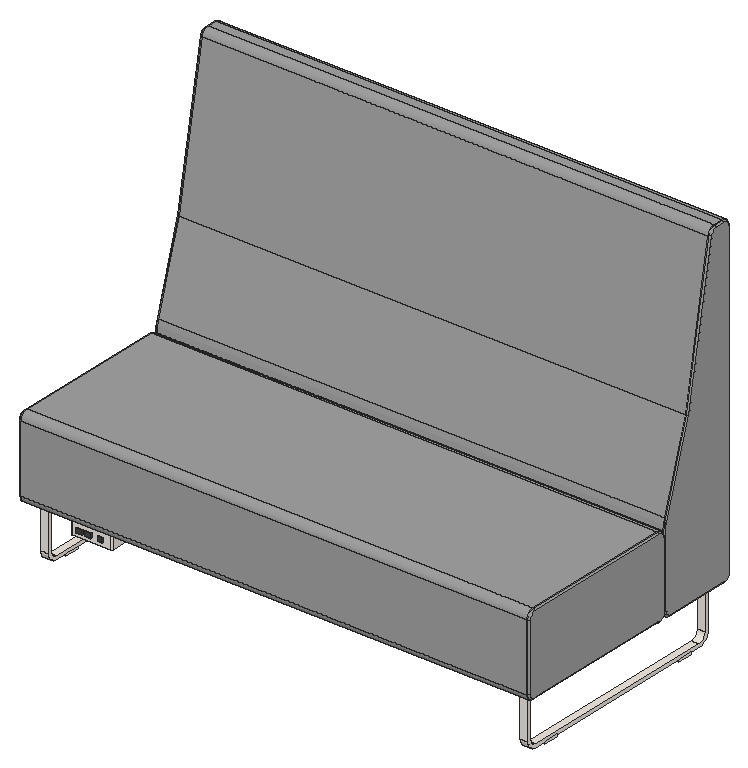
Revit family "Haworth_Riverbend_StraightBench", category Furniture, Revit 2018
Family settings
  OmniClass Number = 23.40.70.14.64.21
  OmniClass Title = Systems Furniture
  Work Plane-Based = No
  Always vertical = Yes
  Cut with Voids When Loaded = No
  Shared = No
  Room Calculation Point = No
Parameters (values of type "33d 67w 50h - High Back")
  Width = 67"
  Warranty = "http://www.haworth.com/resources/product-info/warranties"
  URL - Product = "http://www.haworth.com/products/seating/sofas/riverbend-pebble"
  Trim Finish [instance] = Haworth _ Paint _ Plaster
  Symbolic Line Controler = not(No Back)  # yes
  Standard Widths = "28 in., 55 in., 67 in."  # constant formula
  Standard Heights = "31 in., 50 in."  # constant formula
  Standard Depths = "33 in."  # constant formula
  Seat Upholstery Finish [instance] = Haworth _ Fabric _ Tellure _ Steel 3A-39
  Power Module [instance] = yes
  No Back = not(or(Mid Back, High Back))  # no
  Min. Width = 28"  # constant formula
  Min. Depth = 33"  # constant formula
  Mid Back = no
  Max. Width = 67"  # constant formula
  Max. Depth = 33"  # constant formula
  Model = "SMSN"  # constant formula
  High Back = yes
  Hardware Finish = Haworth _ Paint _ Plaster
  Front Finish = Haworth _ Plastic _ Black
  Description = "Haworth Riverbend Straight Bench"  # constant formula
  URL = "http://www.haworth.com"
  Size = "Verify Final Dim. w/ Haworth"  # constant formula
  Revision Number = "1"  # constant formula
  Manufacturer = "Haworth"  # constant formula
  Depth = 33"  # constant formula
  Custom Width = not(or(Width = 28", Width = 55", Width = 67"))  # no
  Custom Size = Custom Width  # no
  Back Upholstery Finish [instance] = Haworth _ Fabric _ Tellure _ Steel 3A-39
  Author = "Haworth (Bentzen)"  # constant formula
  Assembly Code = "E2020200"
  Actual Width = if(Width > Max. Width, Max. Width, if(Width < Min. Width, Min. Width, Width))  # 67"
  Actual Height = 18"  # constant formula
  Actual Depth = if(Depth > Max. Depth, Max. Depth, if(Depth < Min. Depth, Min. Depth, Depth))  # 33"
Reference planes (in)
  plane 1 "Center F/B": y = 1.14228
  plane 2 "Bottom": z = 0
  plane 3 "Center L/R": x = -19.5
  plane 4 "Left": x = -53
  plane 5 "Right": x = 14
  plane 6 "Frame Back": y = 17.64228
  plane 7 "Chair Front": y = -15.35772
  plane 8 "Top": z = 18
  plane 9 "Leg Back - Back of Leg Bracket": y = 15.87654
  plane 10 "Leg Front - Back of Leg Bracket": y = -11.21697
  plane 11 "Leg Front - Front of Leg Bracket": y = -13.59197
  plane 12 "Leg Back - Front of Leg Bracket": y = 13.50154
  plane 13 "Foot Front - Front of Foot": y = -10.83901
  plane 14 "Foot Back - Back of Foot": y = 13.12358
  plane 15 "Foot Back - Front of Foot": y = 11.12358
  plane 16 "Foot Front - Back of Foot": y = -8.83902
  plane 17 "Leg Left - Left of Leg Bracket": x = -51.44094
  plane 18 "Leg Left - Right of Leg": x = -50.44095
  plane 19 "Leg Left - Right of Leg Bracket": x = -49.06594
  plane 20 "Leg Right - Right of Leg Bracket": x = 12.44094
  plane 21 "Leg Right - Left of Leg Bracket": x = 10.06594
  plane 22 "Leg Right - Left of Leg": x = 11.44094
  plane 23 "Back - Chamfer Edge": y = 17.39228
  plane 24 "Left - Top of Chamfer Edge": x = -52.75
  plane 25 "Right - Top of Chamfer Edge": x = 13.75
  plane 26 "Top - Bottom of Chamfer Edge": z = 17.75
  plane 27 "Frame Bottom": z = 7.25
  plane 28 "Bottom - Top of Chamfer Edge": z = 7.5
  plane 29 "Front - Chamfer Edge": y = -15.10772
  plane 30 "Leg Bracket - Bottom": z = 7
  plane 31 "Leg Back - Front of Leg": y = 15.50154
  plane 32 "Leg Front - Back of Leg": y = -13.21697
  plane 33 "Leg Bottom - Top of Bottom": z = 0.625
  plane 34 "Foot - Top of Foot": z = 0.25
  plane 35 "Power Mod - Left": x = -47.44095
  plane 36 "Power Mod - Right": x = -21.44095
  plane 37 "Power Mod - Front": y = -14.35772
  plane 38: z = 31
  plane 39: z = 30.75
  plane 40: through (0, 11.65641, 29.36409) normal (0, -0.9811, 0.1935)
  plane 41: z = 50
  plane 42: through (0, 10.03124, 27.17461) normal (0, -0.9542, 0.299)
  plane 43: through (0, 12.92227, 40.51269) normal (0, -0.9817, 0.1904)
  plane 44: z = 49.75
Forms (in)
  Extrusion 1, solid, material "Haworth _ Fabric _ Tellure _ Steel 3A-39" <- "Seat Upholstery Finish", visible <- "No Back"
    sketch origin (-53, 0, 0) x (0, -1, 0) y (0, 0, 1)
      loop
        arc (-16.64228, 18) -> (-17.34939, 17.70711) -> (-17.64228, 17) r 1
        line (-17.64228, 17) -> (-17.64228, 8.25)
        arc (-17.64228, 8.25) -> (-17.34939, 7.54289) -> (-16.64228, 7.25) r 1
        line (-16.64228, 7.25) -> (14.35772, 7.25)
        arc (14.35772, 7.25) -> (15.06482, 7.54289) -> (15.35772, 8.25) r 1
        line (15.35772, 8.25) -> (15.35772, 17)
        arc (15.35772, 17) -> (15.06482, 17.70711) -> (14.35772, 18) r 1
        line (14.35772, 18) -> (-16.64228, 18)
    from -66.75 to -0.25
  Extrusion 2, solid, material "Haworth _ Paint _ Plaster" <- "Trim Finish"
    sketch origin (-53, 1.73425, 0) x (0, -1, 0) y (0, 0, 1)
      loop
        line (-14.14229, 7) -> (-14.14229, 1.5)
        arc (-14.14229, 1.5) -> (-13.77617, 0.61612) -> (-12.89229, 0.25) r 1.25
        line (-12.89229, 0.25) -> (14.07622, 0.25)
        arc (14.07622, 0.25) -> (14.9601, 0.61612) -> (15.32622, 1.5) r 1.25
        line (15.32622, 1.5) -> (15.32622, 7) -> (14.95122, 7) -> (14.95122, 1.625)
        arc (14.95122, 1.625) -> (14.65832, 0.91789) -> (13.95122, 0.625) r 1
        line (13.95122, 0.625) -> (-12.76729, 0.625)
        arc (-12.76729, 0.625) -> (-13.47439, 0.91789) -> (-13.76729, 1.625) r 1
        line (-13.76729, 1.625) -> (-13.76729, 7) -> (-14.14229, 7)
    from -2.55905 to -1.55906
  Extrusion 3, solid, material "Haworth _ Paint _ Plaster" <- "Trim Finish"
    sketch origin (0, 0, 18) x (-1, 0, 0) y (0, -1, 0)
      loop
        line (51.44094, -13.12358) -> (51.44094, -11.12358) -> (50.44095, -11.12358) -> (50.44095, -13.12358) -> (51.44094, -13.12358)
    from -18 to -17.75
  Extrusion 4, solid, material "Haworth _ Paint _ Plaster" <- "Trim Finish"
    sketch origin (0, 2.28457, 18) x (-1, 0, 0) y (0, -1, 0)
      loop
        line (51.44094, 13.12358) -> (50.44095, 13.12358) -> (50.44095, 11.12358) -> (51.44094, 11.12358) -> (51.44094, 13.12358)
    from -18 to -17.75
  Extrusion 5, solid, material "Haworth _ Paint _ Plaster" <- "Trim Finish"
    sketch origin (0, 0, 18) x (-1, 0, 0) y (0, -1, 0)
      loop
        line (51.44094, -15.87654) -> (51.44094, -13.50154) -> (49.06594, -13.50154) -> (49.06594, -15.87654) -> (51.44094, -15.87654)
    from -11 to -10.75
  Extrusion 6, solid, material "Haworth _ Paint _ Plaster" <- "Trim Finish"
    sketch origin (0, 22.24717, 18) x (-1, 0, 0) y (0, -1, 0)
      loop
        line (51.44094, 35.83913) -> (49.06594, 35.83913) -> (49.06594, 33.46414) -> (51.44094, 33.46414) -> (51.44094, 35.83913)
    from -11 to -10.75
  Extrusion 7, solid, material "Haworth _ Paint _ Plaster" <- "Trim Finish"
    sketch origin (35.05905, 39.67451, 18) x (1, 0, 0) y (0, 1, 0)
      loop
        line (-22.61811, -26.55092) -> (-23.61811, -26.55092) -> (-23.61811, -28.55092) -> (-22.61811, -28.55092) -> (-22.61811, -26.55092)
    from -18 to -17.75
  Extrusion 8, solid, material "Haworth _ Paint _ Plaster" <- "Trim Finish"
    sketch origin (35.05905, 41.95907, 18) x (1, 0, 0) y (0, 1, 0)
      loop
        line (-22.61811, -52.79809) -> (-22.61811, -50.79809) -> (-23.61811, -50.79809) -> (-23.61811, -52.79809) -> (-22.61811, -52.79809)
    from -18 to -17.75
  Extrusion 9, solid, material "Haworth _ Paint _ Plaster" <- "Trim Finish"
    sketch origin (35.05905, 39.67451, 18) x (1, 0, 0) y (0, 1, 0)
      loop
        line (-22.61811, -23.79797) -> (-24.99311, -23.79797) -> (-24.99311, -26.17297) -> (-22.61811, -26.17297) -> (-22.61811, -23.79797)
    from -11 to -10.75
  Extrusion 10, solid, material "Haworth _ Paint _ Plaster" <- "Trim Finish"
    sketch origin (35.05905, 61.92167, 18) x (1, 0, 0) y (0, 1, 0)
      loop
        line (-22.61811, -75.51364) -> (-22.61811, -73.13864) -> (-24.99311, -73.13864) -> (-24.99311, -75.51364) -> (-22.61811, -75.51364)
    from -11 to -10.75
  Extrusion 11, solid, material "Haworth _ Paint _ Plaster" <- "Trim Finish"
    sketch origin (27.5, 1.73425, 0) x (0, -1, 0) y (0, 0, -1)
      loop
        line (-14.14229, -7) -> (-13.76729, -7) -> (-13.76729, -1.625)
        arc (-13.76729, -1.625) -> (-13.47439, -0.91789) -> (-12.76729, -0.625) r 1
        line (-12.76729, -0.625) -> (13.95122, -0.625)
        arc (13.95122, -0.625) -> (14.65832, -0.91789) -> (14.95122, -1.625) r 1
        line (14.95122, -1.625) -> (14.95122, -7) -> (15.32622, -7) -> (15.32622, -1.5)
        arc (15.32622, -1.5) -> (14.9601, -0.61612) -> (14.07622, -0.25) r 1.25
        line (14.07622, -0.25) -> (-12.89229, -0.25)
        arc (-12.89229, -0.25) -> (-13.77617, -0.61612) -> (-14.14229, -1.5) r 1.25
        line (-14.14229, -1.5) -> (-14.14229, -7)
    from -16.05906 to -15.05906
  Extrusion 12, solid, material "Haworth _ Fabric _ Tellure _ Steel 3A-39" <- "Back Upholstery Finish", visible <- "Mid Back"
    sketch origin (-33.5, -103.18863, 2.13189) x (0, -1, 0) y (0, 0, 1)
      loop
        arc (-120.83091, 6.11811) -> (-120.53802, 5.411) -> (-119.83091, 5.11811) r 1
        line (-119.83091, 5.11811) -> (-111.16099, 5.11811)
        arc (-111.16099, 5.11811) -> (-110.45388, 5.411) -> (-110.16099, 6.11811) r 1
        line (-110.16099, 6.11811) -> (-110.16099, 15.5115)
        arc (-110.16099, 15.5115) -> (-110.24986, 16.24927) -> (-110.42825, 16.97064) r 6.06812
        line (-110.42825, 16.97064) -> (-113.72422, 27.4881)
        arc (-113.72422, 27.4881) -> (-114.43735, 28.48603) -> (-115.60288, 28.86811) r 1.96875
        line (-115.60288, 28.86811) -> (-118.86241, 28.86811)
        arc (-118.86241, 28.86811) -> (-120.25435, 28.29155) -> (-120.83091, 26.89961) r 1.9685
        line (-120.83091, 26.89961) -> (-120.83091, 6.11811)
    from -47.25 to 19.25
  Blend 13, solid, material "Haworth _ Fabric _ Tellure _ Steel 3A-39" <- "Back Upholstery Finish", visible <- "Mid Back"
    base sketch origin (-33.25, 26.30756, -6.66555) x (0, -1, 0) y (0, 0, 1)
      loop
        arc (10.63378, 37.66555) -> (9.24183, 37.08899) -> (8.66527, 35.69705) r 1.9685
        line (8.66527, 35.69705) -> (8.66527, 14.91555)
        arc (8.66527, 14.91555) -> (8.95817, 14.20845) -> (9.66527, 13.91555) r 1
        line (9.66527, 13.91555) -> (18.33519, 13.91555)
        arc (18.33519, 13.91555) -> (19.0423, 14.20845) -> (19.33519, 14.91555) r 1
        line (19.33519, 14.91555) -> (19.33519, 24.30895)
        arc (19.33519, 24.30895) -> (19.24632, 25.04671) -> (19.06794, 25.76808) r 6.06812
        line (19.06794, 25.76808) -> (15.77197, 36.28554)
        arc (15.77197, 36.28554) -> (15.05883, 37.28348) -> (13.89331, 37.66555) r 1.96875
        line (13.89331, 37.66555) -> (10.63378, 37.66555)
    top sketch origin (-33.25, 26.30756, -6.66555) x (0, -1, 0) y (0, 0, 1)
      loop
        line (13.89331, 37.41555) -> (10.63378, 37.41555)
        arc (10.63378, 37.41555) -> (9.41861, 36.91222) -> (8.91527, 35.69705) r 1.7185
        line (8.91527, 35.69705) -> (8.91527, 14.91555)
        arc (8.91527, 14.91555) -> (9.13494, 14.38522) -> (9.66527, 14.16555) r 0.75
        line (9.66527, 14.16555) -> (18.4069, 14.16555)
        arc (18.4069, 14.16555) -> (18.93723, 14.38522) -> (19.1569, 14.91555) r 0.75
        line (19.1569, 14.91555) -> (19.1569, 24.64821) -> (15.53341, 36.21078)
        arc (15.53341, 36.21078) -> (14.91083, 37.08199) -> (13.89331, 37.41555) r 1.71875
    from 19.5 to 19.75
  Extrusion 14, solid, material "Haworth _ Fabric _ Tellure _ Steel 3A-39" <- "Back Upholstery Finish", visible <- "High Back"
    sketch origin (-33.25, -160.56517, 2.13189) x (0, -1, 0) y (0, 0, 1)
      loop
        arc (-178.20745, 6.11811) -> (-177.91456, 5.411) -> (-177.20745, 5.11811) r 1
        line (-177.20745, 5.11811) -> (-168.53753, 5.11811)
        arc (-168.53753, 5.11811) -> (-167.83043, 5.411) -> (-167.53753, 6.11811) r 1
        line (-167.53753, 6.11811) -> (-167.53753, 15.5115)
        arc (-167.53753, 15.5115) -> (-167.6264, 16.24927) -> (-167.80479, 16.97064) r 6.06812
        line (-167.80479, 16.97064) -> (-171.15098, 27.64836) -> (-174.91168, 47.03615)
        arc (-174.91168, 47.03615) -> (-175.2667, 47.63329) -> (-175.92052, 47.86811) r 1.02764
        line (-175.92052, 47.86811) -> (-177.16927, 47.86811)
        arc (-177.16927, 47.86811) -> (-177.90338, 47.56403) -> (-178.20745, 46.82993) r 1.03818
        line (-178.20745, 46.82993) -> (-178.20745, 6.11811)
    from -47 to 19.5
  Blend 15, solid, material "Haworth _ Fabric _ Tellure _ Steel 3A-39" <- "Back Upholstery Finish", visible <- "High Back"
    base sketch origin (-33.25, 28.05756, -6.66555) x (0, -1, 0) y (0, 0, 1)
      loop
        line (10.41527, 55.62737) -> (10.41527, 14.91555)
        arc (10.41527, 14.91555) -> (10.70817, 14.20845) -> (11.41527, 13.91555) r 1
        line (11.41527, 13.91555) -> (20.08519, 13.91555)
        arc (20.08519, 13.91555) -> (20.7923, 14.20845) -> (21.08519, 14.91555) r 1
        line (21.08519, 14.91555) -> (21.08519, 24.30895)
        arc (21.08519, 24.30895) -> (20.99632, 25.04671) -> (20.81794, 25.76808) r 6.06812
        line (20.81794, 25.76808) -> (17.47174, 36.4458) -> (13.71105, 55.8336)
        arc (13.71105, 55.8336) -> (13.35603, 56.43074) -> (12.70221, 56.66555) r 1.02764
        line (12.70221, 56.66555) -> (11.45346, 56.66555)
        arc (11.45346, 56.66555) -> (10.71935, 56.36148) -> (10.41527, 55.62737) r 1.03818
    top sketch origin (-33.25, 28.05756, -6.66555) x (0, -1, 0) y (0, 0, 1)
      loop
        arc (11.45346, 56.41555) -> (10.89613, 56.1847) -> (10.66527, 55.62737) r 0.78818
        line (10.66527, 55.62737) -> (10.66527, 14.91555)
        arc (10.66527, 14.91555) -> (10.88494, 14.38522) -> (11.41527, 14.16555) r 0.75
        line (11.41527, 14.16555) -> (20.1569, 14.16555)
        arc (20.1569, 14.16555) -> (20.68723, 14.38522) -> (20.9069, 14.91555) r 0.75
        line (20.9069, 14.91555) -> (20.9069, 24.64821) -> (17.22899, 36.38443) -> (13.46562, 55.78599)
        arc (13.46562, 55.78599) -> (13.19697, 56.23786) -> (12.70221, 56.41555) r 0.77764
        line (12.70221, 56.41555) -> (11.45346, 56.41555)
    from 19.5 to 19.75
  Extrusion 16, solid, material "Haworth _ Fabric _ Tellure _ Steel 3A-39" <- "Seat Upholstery Finish", visible <- "High Back"
    sketch origin (-53, -10.66992, 0) x (0, -1, 0) y (0, 0, 1)
      loop
        arc (-16.64228, 18) -> (-17.34939, 17.70711) -> (-17.64228, 17) r 1
        line (-17.64228, 17) -> (-17.64228, 8.25)
        arc (-17.64228, 8.25) -> (-17.34939, 7.54289) -> (-16.64228, 7.25) r 1
        line (-16.64228, 7.25) -> (3.68779, 7.25)
        arc (3.68779, 7.25) -> (4.3949, 7.54289) -> (4.68779, 8.25) r 1
        line (4.68779, 8.25) -> (4.68779, 17)
        arc (4.68779, 17) -> (4.3949, 17.70711) -> (3.68779, 18) r 1
        line (3.68779, 18) -> (-16.64228, 18)
    from -66.75 to -0.25
  Extrusion 17, solid, material "Haworth _ Fabric _ Tellure _ Steel 3A-39" <- "Seat Upholstery Finish", visible <- "Mid Back"
    sketch origin (-53, -8.66142, 0) x (0, -1, 0) y (0, 0, 1)
      loop
        arc (-14.63378, 18) -> (-15.34089, 17.70711) -> (-15.63378, 17) r 1
        line (-15.63378, 17) -> (-15.63378, 8.25)
        arc (-15.63378, 8.25) -> (-15.34089, 7.54289) -> (-14.63378, 7.25) r 1
        line (-14.63378, 7.25) -> (5.6963, 7.25)
        arc (5.6963, 7.25) -> (6.4034, 7.54289) -> (6.6963, 8.25) r 1
        line (6.6963, 8.25) -> (6.6963, 17)
        arc (6.6963, 17) -> (6.4034, 17.70711) -> (5.6963, 18) r 1
        line (5.6963, 18) -> (-14.63378, 18)
    from -66.75 to -0.25
  Blend 18, solid, material "Haworth _ Fabric _ Tellure _ Steel 3A-39" <- "Seat Upholstery Finish", visible <- "No Back"
    base sketch origin (33.5, 0, 0) x (0, -1, 0) y (0, 0, -1)
      loop
        arc (14.35772, -18) -> (15.06482, -17.70711) -> (15.35772, -17) r 1
        line (15.35772, -17) -> (15.35772, -8.25)
        arc (15.35772, -8.25) -> (15.06482, -7.54289) -> (14.35772, -7.25) r 1
        line (14.35772, -7.25) -> (-16.64228, -7.25)
        arc (-16.64228, -7.25) -> (-17.34939, -7.54289) -> (-17.64228, -8.25) r 1
        line (-17.64228, -8.25) -> (-17.64228, -17)
        arc (-17.64228, -17) -> (-17.34939, -17.70711) -> (-16.64228, -18) r 1
        line (-16.64228, -18) -> (14.35772, -18)
    top sketch origin (14, 0, 0) x (0, -1, 0) y (0, 0, -1)
      loop
        line (-16.64228, -17.75) -> (14.35772, -17.75)
        arc (14.35772, -17.75) -> (14.88805, -17.53033) -> (15.10772, -17) r 0.75
        line (15.10772, -17) -> (15.10772, -8.25)
        arc (15.10772, -8.25) -> (14.88805, -7.71967) -> (14.35772, -7.5) r 0.75
        line (14.35772, -7.5) -> (-16.64228, -7.5)
        arc (-16.64228, -7.5) -> (-17.17261, -7.71967) -> (-17.39228, -8.25) r 0.75
        line (-17.39228, -8.25) -> (-17.39228, -17)
        arc (-17.39228, -17) -> (-17.17261, -17.53033) -> (-16.64228, -17.75) r 0.75
    from -19.75 to 0
  Blend 19, solid, material "Haworth _ Fabric _ Tellure _ Steel 3A-39" <- "Seat Upholstery Finish", visible <- "Symbolic Line Controler"
    base sketch origin (33.5, -8.66142, 0) x (0, -1, 0) y (0, 0, -1)
      loop
        arc (5.6963, -18) -> (6.4034, -17.70711) -> (6.6963, -17) r 1
        line (6.6963, -17) -> (6.6963, -8.25)
        arc (6.6963, -8.25) -> (6.4034, -7.54289) -> (5.6963, -7.25) r 1
        line (5.6963, -7.25) -> (-14.63378, -7.25)
        arc (-14.63378, -7.25) -> (-15.34089, -7.54289) -> (-15.63378, -8.25) r 1
        line (-15.63378, -8.25) -> (-15.63378, -17)
        arc (-15.63378, -17) -> (-15.34089, -17.70711) -> (-14.63378, -18) r 1
        line (-14.63378, -18) -> (5.6963, -18)
    top sketch origin (14, -8.66142, 0) x (0, -1, 0) y (0, 0, -1)
      loop
        line (-14.63378, -17.75) -> (5.6963, -17.75)
        arc (5.6963, -17.75) -> (6.22663, -17.53033) -> (6.4463, -17) r 0.75
        line (6.4463, -17) -> (6.4463, -8.25)
        arc (6.4463, -8.25) -> (6.22663, -7.71967) -> (5.6963, -7.5) r 0.75
        line (5.6963, -7.5) -> (-14.63378, -7.5)
        arc (-14.63378, -7.5) -> (-15.16411, -7.71967) -> (-15.38378, -8.25) r 0.75
        line (-15.38378, -8.25) -> (-15.38378, -17)
        arc (-15.38378, -17) -> (-15.16411, -17.53033) -> (-14.63378, -17.75) r 0.75
    from -19.75 to 0
  Blend 20, solid, material "Haworth _ Fabric _ Tellure _ Steel 3A-39" <- "Back Upholstery Finish", visible <- "High Back"
    base sketch origin (33.25, 28.05756, -6.66555) x (0, -1, 0) y (0, 0, -1)
      loop
        arc (10.41527, -55.62737) -> (10.71935, -56.36148) -> (11.45346, -56.66555) r 1.03818
        line (11.45346, -56.66555) -> (12.70221, -56.66555)
        arc (12.70221, -56.66555) -> (13.35603, -56.43074) -> (13.71105, -55.8336) r 1.02764
        line (13.71105, -55.8336) -> (17.47174, -36.4458) -> (20.81794, -25.76808)
        arc (20.81794, -25.76808) -> (20.99632, -25.04671) -> (21.08519, -24.30895) r 6.06812
        line (21.08519, -24.30895) -> (21.08519, -14.91555)
        arc (21.08519, -14.91555) -> (20.7923, -14.20845) -> (20.08519, -13.91555) r 1
        line (20.08519, -13.91555) -> (11.41527, -13.91555)
        arc (11.41527, -13.91555) -> (10.70817, -14.20845) -> (10.41527, -14.91555) r 1
        line (10.41527, -14.91555) -> (10.41527, -55.62737)
    top sketch origin (33.25, 28.05756, -6.66555) x (0, -1, 0) y (0, 0, -1)
      loop
        line (11.45346, -56.41555) -> (12.70221, -56.41555)
        arc (12.70221, -56.41555) -> (13.19697, -56.23786) -> (13.46562, -55.78599) r 0.77764
        line (13.46562, -55.78599) -> (17.22899, -36.38443) -> (20.9069, -24.64821) -> (20.9069, -14.91555)
        arc (20.9069, -14.91555) -> (20.68723, -14.38522) -> (20.1569, -14.16555) r 0.75
        line (20.1569, -14.16555) -> (11.41527, -14.16555)
        arc (11.41527, -14.16555) -> (10.88494, -14.38522) -> (10.66527, -14.91555) r 0.75
        line (10.66527, -14.91555) -> (10.66527, -55.62737)
        arc (10.66527, -55.62737) -> (10.89613, -56.1847) -> (11.45346, -56.41555) r 0.78818
    from -19.5 to -19.25
  Blend 21, solid, material "Haworth _ Fabric _ Tellure _ Steel 3A-39" <- "Back Upholstery Finish", visible <- "Mid Back"
    base sketch origin (33.25, 26.30756, -6.66555) x (0, -1, 0) y (0, 0, -1)
      loop
        arc (13.89331, -37.66555) -> (15.05883, -37.28348) -> (15.77197, -36.28554) r 1.96875
        line (15.77197, -36.28554) -> (19.06794, -25.76808)
        arc (19.06794, -25.76808) -> (19.24632, -25.04671) -> (19.33519, -24.30895) r 6.06812
        line (19.33519, -24.30895) -> (19.33519, -14.91555)
        arc (19.33519, -14.91555) -> (19.0423, -14.20845) -> (18.33519, -13.91555) r 1
        line (18.33519, -13.91555) -> (9.66527, -13.91555)
        arc (9.66527, -13.91555) -> (8.95817, -14.20845) -> (8.66527, -14.91555) r 1
        line (8.66527, -14.91555) -> (8.66527, -35.69705)
        arc (8.66527, -35.69705) -> (9.24183, -37.08899) -> (10.63378, -37.66555) r 1.9685
        line (10.63378, -37.66555) -> (13.89331, -37.66555)
    top sketch origin (33.25, 26.30756, -6.66555) x (0, -1, 0) y (0, 0, -1)
      loop
        line (10.63378, -37.41555) -> (13.89331, -37.41555)
        arc (13.89331, -37.41555) -> (14.91083, -37.08199) -> (15.53341, -36.21078) r 1.71875
        line (15.53341, -36.21078) -> (19.1569, -24.64821) -> (19.1569, -14.91555)
        arc (19.1569, -14.91555) -> (18.93723, -14.38522) -> (18.4069, -14.16555) r 0.75
        line (18.4069, -14.16555) -> (9.66527, -14.16555)
        arc (9.66527, -14.16555) -> (9.13494, -14.38522) -> (8.91527, -14.91555) r 0.75
        line (8.91527, -14.91555) -> (8.91527, -35.69705)
        arc (8.91527, -35.69705) -> (9.41861, -36.91222) -> (10.63378, -37.41555) r 1.7185
    from -19.5 to -19.25
  Blend 22, solid, material "Haworth _ Fabric _ Tellure _ Steel 3A-39" <- "Seat Upholstery Finish", visible <- "No Back"
    base sketch origin (-104.38189, 0, 0) x (0, -1, 0) y (0, 0, 1)
      loop
        line (14.35772, 18) -> (-16.64228, 18)
        arc (-16.64228, 18) -> (-17.34939, 17.70711) -> (-17.64228, 17) r 1
        line (-17.64228, 17) -> (-17.64228, 8.25)
        arc (-17.64228, 8.25) -> (-17.34939, 7.54289) -> (-16.64228, 7.25) r 1
        line (-16.64228, 7.25) -> (14.35772, 7.25)
        arc (14.35772, 7.25) -> (15.06482, 7.54289) -> (15.35772, 8.25) r 1
        line (15.35772, 8.25) -> (15.35772, 17)
        arc (15.35772, 17) -> (15.06482, 17.70711) -> (14.35772, 18) r 1
    top sketch origin (-84.88189, 0, 0) x (0, -1, 0) y (0, 0, 1)
      loop
        arc (-16.64228, 17.75) -> (-17.17261, 17.53033) -> (-17.39228, 17) r 0.75
        line (-17.39228, 17) -> (-17.39228, 8.25)
        arc (-17.39228, 8.25) -> (-17.17261, 7.71967) -> (-16.64228, 7.5) r 0.75
        line (-16.64228, 7.5) -> (14.35772, 7.5)
        arc (14.35772, 7.5) -> (14.88805, 7.71967) -> (15.10772, 8.25) r 0.75
        line (15.10772, 8.25) -> (15.10772, 17)
        arc (15.10772, 17) -> (14.88805, 17.53033) -> (14.35772, 17.75) r 0.75
        line (14.35772, 17.75) -> (-16.64228, 17.75)
    from -51.63189 to -31.88189
  Blend 23, solid, material "Haworth _ Fabric _ Tellure _ Steel 3A-39" <- "Seat Upholstery Finish", visible <- "Symbolic Line Controler"
    base sketch origin (-104.38189, -8.66142, 0) x (0, -1, 0) y (0, 0, 1)
      loop
        line (5.6963, 18) -> (-14.63378, 18)
        arc (-14.63378, 18) -> (-15.34089, 17.70711) -> (-15.63378, 17) r 1
        line (-15.63378, 17) -> (-15.63378, 8.25)
        arc (-15.63378, 8.25) -> (-15.34089, 7.54289) -> (-14.63378, 7.25) r 1
        line (-14.63378, 7.25) -> (5.6963, 7.25)
        arc (5.6963, 7.25) -> (6.4034, 7.54289) -> (6.6963, 8.25) r 1
        line (6.6963, 8.25) -> (6.6963, 17)
        arc (6.6963, 17) -> (6.4034, 17.70711) -> (5.6963, 18) r 1
    top sketch origin (-84.88189, -8.66142, 0) x (0, -1, 0) y (0, 0, 1)
      loop
        arc (-14.63378, 17.75) -> (-15.16411, 17.53033) -> (-15.38378, 17) r 0.75
        line (-15.38378, 17) -> (-15.38378, 8.25)
        arc (-15.38378, 8.25) -> (-15.16411, 7.71967) -> (-14.63378, 7.5) r 0.75
        line (-14.63378, 7.5) -> (5.6963, 7.5)
        arc (5.6963, 7.5) -> (6.22663, 7.71967) -> (6.4463, 8.25) r 0.75
        line (6.4463, 8.25) -> (6.4463, 17)
        arc (6.4463, 17) -> (6.22663, 17.53033) -> (5.6963, 17.75) r 0.75
        line (5.6963, 17.75) -> (-14.63378, 17.75)
    from -51.63189 to -31.88189
Lines and regions (in)
  Masking region 1
    outline origin (0, 0, 18) x (-1, 0, 0) y (0, -1, 0)
      loop
        line (53, -17.64228) -> (53, 15.35772) -> (-14, 15.35772) -> (-14, -17.64228) -> (53, -17.64228)
  symbolic lines, style "Haworth", visible <- "Symbolic Line Controler", detail levels medium+fine
    curve 1: line (-52.75, 7.00387, 18) -> (13.75, 7.00387, 18)
Dimensions and locks (in)
  "Actual Width": plane 4 "Left" to plane 5 "Right"
  equal spacing: plane 4 "Left", plane 3 "Center L/R", plane 5 "Right"
  "Depth": plane 6 "Frame Back" to plane 7 "Chair Front"
  equal spacing: plane 6 "Frame Back", plane 1 "Center F/B", plane 7 "Chair Front"
  locked: plane 6 "Frame Back" to plane 23 "Back - Chamfer Edge" at 0.25
  locked: plane 4 "Left" to plane 24 "Left - Top of Chamfer Edge" at 0.25
  locked: plane 25 "Right - Top of Chamfer Edge" to plane 5 "Right" at 0.25
  plane 24 "Left - Top of Chamfer Edge" to plane 17 "Leg Left - Left of Leg Bracket" to plane 18 "Leg Left - Right of Leg" to plane 19 "Leg Left - Right of Leg Bracket" = 1.30906" locked, 1" locked, 1 3/8" locked
  plane 21 "Leg Right - Left of Leg Bracket" to plane 22 "Leg Right - Left of Leg" to plane 20 "Leg Right - Right of Leg Bracket" to plane 25 "Right - Top of Chamfer Edge" = 1 3/8" locked, 1" locked, 1.30906" locked
  locked: plane 8 "Top" to plane 26 "Top - Bottom of Chamfer Edge" at 0.25
  locked: plane 28 "Bottom - Top of Chamfer Edge" to plane 27 "Frame Bottom" at 0.25
  plane 8 "Top" to plane 27 "Frame Bottom" = 10 3/4"
  "Actual Height": plane 8 "Top" to plane 2 "Bottom"
  plane 23 "Back - Chamfer Edge" to plane 9 "Leg Back - Back of Leg Bracket" to plane 12 "Leg Back - Front of Leg Bracket" to plane 14 "Foot Back - Back of Foot" to plane 15 "Foot Back - Front of Foot" = 1.51575" locked, 2 3/8" locked, 0.37795" locked, 2" locked
  locked: plane 29 "Front - Chamfer Edge" to plane 7 "Chair Front" at 0.25
  plane 16 "Foot Front - Back of Foot" to plane 13 "Foot Front - Front of Foot" to plane 10 "Leg Front - Back of Leg Bracket" to plane 11 "Leg Front - Front of Leg Bracket" to plane 29 "Front - Chamfer Edge" = 2" locked, 0.37796" locked, 2 3/8" locked, 1.51575" locked
  Extrusion 2 sketch curve to Extrusion 2 sketch curve = 3/8"
  Extrusion 11 sketch curve to Extrusion 11 sketch curve = 3/8"  (x3)
  plane 8 "Top" to plane 2 "Bottom" = 18"
  locked: plane 18 "Leg Left - Right of Leg" to plane 35 "Power Mod - Left" at 3
  Extrusion 5 to Extrusion 6 = 29.4685"
  level to plane 38 = 31"
  plane 41 to level = 50"
  Blend 15 sketch curve to plane 15 "Foot Back - Front of Foot" = 0.29502"
  aligned and locked: plane 6 "Frame Back" to Extrusion 1
  aligned and locked: Extrusion 1 to plane 7 "Chair Front"
  aligned and locked: Extrusion 1 to plane 24 "Left - Top of Chamfer Edge"
  aligned and locked: plane 25 "Right - Top of Chamfer Edge" to Extrusion 1
  aligned and locked: plane 14 "Foot Back - Back of Foot" to Extrusion 3 sketch curve
  aligned and locked: Extrusion 3 sketch curve to plane 18 "Leg Left - Right of Leg"
  aligned and locked: plane 17 "Leg Left - Left of Leg Bracket" to Extrusion 3 sketch curve
  aligned and locked: plane 15 "Foot Back - Front of Foot" to Extrusion 3 sketch curve
  aligned and locked: Extrusion 3 to plane 2 "Bottom"
  aligned and locked: Extrusion 3 to plane 34 "Foot - Top of Foot"
  aligned and locked: Extrusion 4 to plane 34 "Foot - Top of Foot"
  aligned and locked: Extrusion 4 to plane 2 "Bottom"
  aligned and locked: Extrusion 4 sketch curve to plane 13 "Foot Front - Front of Foot"
  aligned and locked: plane 18 "Leg Left - Right of Leg" to Extrusion 4 sketch curve
  aligned and locked: Extrusion 4 sketch curve to plane 17 "Leg Left - Left of Leg Bracket"
  aligned and locked: Extrusion 5 sketch curve to plane 19 "Leg Left - Right of Leg Bracket"
  aligned and locked: plane 17 "Leg Left - Left of Leg Bracket" to Extrusion 5 sketch curve
  aligned and locked: Extrusion 5 sketch curve to plane 9 "Leg Back - Back of Leg Bracket"
  aligned and locked: plane 12 "Leg Back - Front of Leg Bracket" to Extrusion 5 sketch curve
  aligned and locked: Extrusion 5 to plane 30 "Leg Bracket - Bottom"
  aligned and locked: plane 27 "Frame Bottom" to Extrusion 5
  aligned and locked: Extrusion 6 sketch curve to plane 11 "Leg Front - Front of Leg Bracket"
  aligned and locked: Extrusion 6 sketch curve to plane 17 "Leg Left - Left of Leg Bracket"
  aligned and locked: plane 19 "Leg Left - Right of Leg Bracket" to Extrusion 6 sketch curve
  aligned and locked: plane 10 "Leg Front - Back of Leg Bracket" to Extrusion 6 sketch curve
  aligned and locked: Extrusion 6 to plane 30 "Leg Bracket - Bottom"
  aligned and locked: plane 27 "Frame Bottom" to Extrusion 6
  aligned and locked: Extrusion 10 to plane 11 "Leg Front - Front of Leg Bracket"
  aligned and locked: plane 10 "Leg Front - Back of Leg Bracket" to Extrusion 10
  aligned and locked: Extrusion 10 to plane 21 "Leg Right - Left of Leg Bracket"
  aligned and locked: plane 20 "Leg Right - Right of Leg Bracket" to Extrusion 10
  aligned and locked: Extrusion 9 to plane 21 "Leg Right - Left of Leg Bracket"
  aligned and locked: plane 20 "Leg Right - Right of Leg Bracket" to Extrusion 9
  aligned and locked: plane 9 "Leg Back - Back of Leg Bracket" to Extrusion 9
  aligned and locked: Extrusion 9 to plane 12 "Leg Back - Front of Leg Bracket"
  aligned and locked: Extrusion 8 to plane 13 "Foot Front - Front of Foot"  (x2)
  aligned and locked: plane 16 "Foot Front - Back of Foot" to Extrusion 8  (x2)
  aligned and locked: Extrusion 7 to plane 15 "Foot Back - Front of Foot"  (x2)
  aligned and locked: Extrusion 7 to plane 14 "Foot Back - Back of Foot"  (x2)
  aligned and locked: plane 14 "Foot Back - Back of Foot" to Extrusion 3
  aligned and locked: plane 18 "Leg Left - Right of Leg" to Extrusion 3
  aligned and locked: plane 17 "Leg Left - Left of Leg Bracket" to Extrusion 3
  aligned and locked: plane 16 "Foot Front - Back of Foot" to Extrusion 4 sketch curve
  aligned and locked: Extrusion 11 to plane 22 "Leg Right - Left of Leg"
  aligned and locked: plane 20 "Leg Right - Right of Leg Bracket" to Extrusion 11
  aligned and locked: plane 9 "Leg Back - Back of Leg Bracket" to Extrusion 11  (x2)
  aligned and locked: plane 31 "Leg Back - Front of Leg" to Extrusion 11
  aligned and locked: Extrusion 11 to plane 11 "Leg Front - Front of Leg Bracket"
  aligned and locked: Extrusion 11 to plane 32 "Leg Front - Back of Leg"
  aligned and locked: plane 20 "Leg Right - Right of Leg Bracket" to Extrusion 8
  aligned and locked: Extrusion 8 to plane 22 "Leg Right - Left of Leg"
  aligned and locked: plane 20 "Leg Right - Right of Leg Bracket" to Extrusion 7
  aligned and locked: Extrusion 7 to plane 22 "Leg Right - Left of Leg"
  aligned and locked: plane 34 "Foot - Top of Foot" to Extrusion 11  (x2)
  aligned and locked: Extrusion 11 to plane 33 "Leg Bottom - Top of Bottom"
  aligned and locked: plane 31 "Leg Back - Front of Leg" to Extrusion 2  (x2)
  aligned and locked: plane 9 "Leg Back - Back of Leg Bracket" to Extrusion 2  (x2)
  aligned and locked: plane 11 "Leg Front - Front of Leg Bracket" to Extrusion 11
  aligned and locked: plane 32 "Leg Front - Back of Leg" to Extrusion 11
  aligned and locked: plane 30 "Leg Bracket - Bottom" to Extrusion 2
  aligned and locked: plane 30 "Leg Bracket - Bottom" to Extrusion 11  (x2)
  aligned and locked: plane 30 "Leg Bracket - Bottom" to Extrusion 6
  aligned and locked: Extrusion 6 to plane 27 "Frame Bottom"
  aligned and locked: Extrusion 10 to plane 30 "Leg Bracket - Bottom"
  aligned and locked: plane 27 "Frame Bottom" to Extrusion 10
  aligned and locked: Extrusion 8 to plane 2 "Bottom"
  aligned and locked: Extrusion 8 to plane 34 "Foot - Top of Foot"
  aligned and locked: plane 2 "Bottom" to Extrusion 4
  aligned and locked: plane 34 "Foot - Top of Foot" to Extrusion 4
  aligned and locked: Extrusion 9 to plane 30 "Leg Bracket - Bottom"
  aligned and locked: plane 27 "Frame Bottom" to Extrusion 9
  aligned and locked: Extrusion 7 to plane 34 "Foot - Top of Foot"
  aligned and locked: Extrusion 7 to plane 2 "Bottom"
  aligned and locked: plane 35 "Power Mod - Left" to nested 1
  aligned and locked: nested 1 to plane 37 "Power Mod - Front"
  aligned and locked: Extrusion 2 to plane 17 "Leg Left - Left of Leg Bracket"
  aligned and locked: plane 18 "Leg Left - Right of Leg" to Extrusion 2
  aligned and locked: plane 11 "Leg Front - Front of Leg Bracket" to Extrusion 2 sketch curve
  aligned and locked: plane 32 "Leg Front - Back of Leg" to Extrusion 2 sketch curve
  aligned and locked: Extrusion 2 sketch curve to plane 34 "Foot - Top of Foot"
  aligned and locked: plane 33 "Leg Bottom - Top of Bottom" to Extrusion 2 sketch curve
  aligned and locked: Extrusion 2 sketch curve to plane 30 "Leg Bracket - Bottom"
  aligned and locked: Extrusion 1 to plane 27 "Frame Bottom"
  aligned and locked: plane 8 "Top" to Extrusion 1
  aligned and locked: Extrusion 12 to plane 27 "Frame Bottom"
  aligned and locked: Extrusion 12 to plane 24 "Left - Top of Chamfer Edge"
  aligned and locked: plane 25 "Right - Top of Chamfer Edge" to Extrusion 12
  aligned and locked: plane 24 "Left - Top of Chamfer Edge" to Blend 13
  aligned and locked: plane 4 "Left" to Blend 13
  aligned and locked: Extrusion 14 to plane 24 "Left - Top of Chamfer Edge"
  aligned and locked: plane 25 "Right - Top of Chamfer Edge" to Extrusion 14
  aligned and locked: plane 4 "Left" to Blend 15
  aligned and locked: plane 24 "Left - Top of Chamfer Edge" to Blend 15
  aligned and locked: plane 25 "Right - Top of Chamfer Edge" to Extrusion 17
  aligned and locked: plane 25 "Right - Top of Chamfer Edge" to Extrusion 16
  aligned and locked: plane 6 "Frame Back" to Extrusion 12
  aligned and locked: plane 38 to Extrusion 12 sketch curve
  aligned and locked: Blend 13 to Extrusion 12 sketch curve
  aligned and locked: plane 27 "Frame Bottom" to Extrusion 12 sketch curve
  aligned and locked: Extrusion 17 sketch curve to plane 8 "Top"
  aligned and locked: plane 7 "Chair Front" to Extrusion 17 sketch curve
  aligned and locked: plane 27 "Frame Bottom" to Extrusion 17 sketch curve
  aligned and locked: plane 27 "Frame Bottom" to Extrusion 16 sketch curve
  aligned and locked: Extrusion 14 to Extrusion 16 sketch curve
  aligned and locked: Extrusion 16 sketch curve to plane 8 "Top"
  aligned and locked: plane 7 "Chair Front" to Extrusion 16 sketch curve
  aligned and locked: Blend 15 sketch curve to Extrusion 14
  aligned and locked: plane 5 "Right" to Blend 18
  aligned and locked: Blend 18 to plane 25 "Right - Top of Chamfer Edge"
  aligned and locked: plane 5 "Right" to Blend 19
  aligned and locked: Blend 19 to plane 25 "Right - Top of Chamfer Edge"
  aligned and locked: Extrusion 1 to Extrusion 14
  aligned and locked: plane 5 "Right" to Blend 20
  aligned and locked: Blend 20 to plane 25 "Right - Top of Chamfer Edge"
  aligned and locked: plane 5 "Right" to Blend 21
  aligned and locked: Blend 21 to plane 25 "Right - Top of Chamfer Edge"
  aligned and locked: Extrusion 17 to Extrusion 12
  aligned and locked: plane 24 "Left - Top of Chamfer Edge" to Blend 23
  aligned and locked: plane 24 "Left - Top of Chamfer Edge" to Blend 22
  aligned and locked: plane 4 "Left" to Blend 23
  aligned and locked: plane 4 "Left" to Blend 22
  aligned and locked: plane 7 "Chair Front" to Masking region 1 sketch curve
  aligned and locked: Masking region 1 sketch curve to plane 5 "Right"
  aligned and locked: Masking region 1 sketch curve to plane 4 "Left"
  aligned and locked: Masking region 1 sketch curve to plane 6 "Frame Back"
Automatic sketch dimensions
  curve 1 to plane 25 "Right - Top of Chamfer Edge" = 0"
  curve 1 to plane 24 "Left - Top of Chamfer Edge" = 0"
  Extrusion 1 sketch curve to plane 6 "Frame Back" = 0"
  Extrusion 1 sketch curve to plane 27 "Frame Bottom" = 0"
  Extrusion 1 sketch curve to plane 8 "Top" = 0"
  Extrusion 1 sketch curve to plane 37 "Power Mod - Front" = 0"  (x2)
  Extrusion 1 sketch curve to plane 7 "Chair Front" = 0"
  Extrusion 1 sketch curve to plane 23 "Back - Chamfer Edge" = 3/4"  (x2)
  Extrusion 2 sketch curve to plane 9 "Leg Back - Back of Leg Bracket" = 0"
  Extrusion 2 sketch curve to plane 30 "Leg Bracket - Bottom" = 0"
  plane 31 "Leg Back - Front of Leg" to Extrusion 2 sketch curve = 7/8"
  Extrusion 2 sketch curve to Extrusion 2 sketch curve = 1/8"  (x2)
  Extrusion 2 sketch curve to plane 10 "Leg Front - Back of Leg Bracket" = 1"
  plane 14 "Foot Back - Back of Foot" to Extrusion 7 sketch curve = 0"
  Extrusion 7 sketch curve to plane 22 "Leg Right - Left of Leg" = 0"
  Extrusion 7 sketch curve to plane 15 "Foot Back - Front of Foot" = 0"
  Extrusion 7 sketch curve to plane 20 "Leg Right - Right of Leg Bracket" = 0"
  Extrusion 8 sketch curve to plane 13 "Foot Front - Front of Foot" = 0"
  Extrusion 8 sketch curve to plane 22 "Leg Right - Left of Leg" = 0"
  Extrusion 8 sketch curve to plane 16 "Foot Front - Back of Foot" = 0"
  Extrusion 8 sketch curve to plane 20 "Leg Right - Right of Leg Bracket" = 0"
  Extrusion 9 sketch curve to plane 9 "Leg Back - Back of Leg Bracket" = 0"
  Extrusion 9 sketch curve to plane 21 "Leg Right - Left of Leg Bracket" = 0"
  Extrusion 9 sketch curve to plane 12 "Leg Back - Front of Leg Bracket" = 0"
  Extrusion 9 sketch curve to plane 20 "Leg Right - Right of Leg Bracket" = 0"
  Extrusion 10 sketch curve to plane 11 "Leg Front - Front of Leg Bracket" = 0"
  Extrusion 10 sketch curve to plane 21 "Leg Right - Left of Leg Bracket" = 0"
  Extrusion 10 sketch curve to plane 10 "Leg Front - Back of Leg Bracket" = 0"
  Extrusion 10 sketch curve to plane 20 "Leg Right - Right of Leg Bracket" = 0"
  Extrusion 11 sketch curve to plane 9 "Leg Back - Back of Leg Bracket" = 0"
  plane 34 "Foot - Top of Foot" to Extrusion 11 sketch curve = 0"
  Extrusion 11 sketch curve to plane 30 "Leg Bracket - Bottom" = 0"  (x2)
  Extrusion 11 sketch curve to plane 32 "Leg Front - Back of Leg" = 0"
  plane 31 "Leg Back - Front of Leg" to Extrusion 11 sketch curve = 7/8"
  Extrusion 11 sketch curve to Extrusion 11 sketch curve = 1/8"  (x2)
  Extrusion 11 sketch curve to plane 10 "Leg Front - Back of Leg Bracket" = 1"
  Extrusion 14 sketch curve to plane 6 "Frame Back" = 0"
  Extrusion 14 sketch curve to plane 27 "Frame Bottom" = 0"
  Extrusion 14 sketch curve to plane 41 = 0"
  Extrusion 14 sketch curve to plane 23 "Back - Chamfer Edge" = 3/4"
  plane 9 "Leg Back - Back of Leg Bracket" to Extrusion 14 sketch curve = 0.72757"
  plane 31 "Leg Back - Front of Leg" to Extrusion 14 sketch curve = 0.14619"
  Extrusion 14 sketch curve to plane 44 = 0.58196"
  plane 12 "Leg Back - Front of Leg Bracket" to Extrusion 14 sketch curve = 0.84497"
  plane 14 "Foot Back - Back of Foot" to Extrusion 14 sketch curve = 0.09352"
  Extrusion 14 sketch curve to plane 15 "Foot Back - Front of Foot" = 0.53777"
  plane 28 "Bottom - Top of Chamfer Edge" to Extrusion 14 sketch curve = 3/4"
  Extrusion 14 sketch curve to plane 15 "Foot Back - Front of Foot" = 3.15122"
  plane 8 "Top" to Extrusion 14 sketch curve = 1.10253"
  Extrusion 14 sketch curve to Extrusion 14 sketch curve = 0.26725"
  Extrusion 14 sketch curve to plane 26 "Top - Bottom of Chamfer Edge" = 0.46209"
  Extrusion 14 sketch curve to plane 39 = 0.96975"
  Blend 15 sketch curve to plane 6 "Frame Back" = 0"
  Blend 15 sketch curve to plane 27 "Frame Bottom" = 0"
  Blend 15 sketch curve to plane 41 = 0"
  Blend 15 sketch curve to plane 23 "Back - Chamfer Edge" = 3/4"  (x2)
  plane 9 "Leg Back - Back of Leg Bracket" to Blend 15 sketch curve = 0.72757"  (x2)
  plane 31 "Leg Back - Front of Leg" to Blend 15 sketch curve = 0.14619"  (x2)
  Blend 15 sketch curve to plane 44 = 0.58196"
  plane 12 "Leg Back - Front of Leg Bracket" to Blend 15 sketch curve = 0.84497"
  plane 14 "Foot Back - Back of Foot" to Blend 15 sketch curve = 0.09352"
  Blend 15 sketch curve to plane 15 "Foot Back - Front of Foot" = 0.53777"
  Blend 15 sketch curve to Blend 15 sketch curve = 1"
  plane 8 "Top" to Blend 15 sketch curve = 1.10253"
  Blend 15 sketch curve to Blend 15 sketch curve = 0.26725"
  Blend 15 sketch curve to plane 26 "Top - Bottom of Chamfer Edge" = 0.46209"
  Blend 15 sketch curve to plane 39 = 0.96975"
  Blend 15 sketch curve to plane 23 "Back - Chamfer Edge" = 0"
  Blend 15 sketch curve to plane 28 "Bottom - Top of Chamfer Edge" = 0"
  Blend 15 sketch curve to plane 44 = 0"
  Blend 15 sketch curve to plane 43 = 0"
  Blend 15 sketch curve to plane 42 = 0"  (x2)
  Blend 15 sketch curve to plane 44 = 0.62956"
  Blend 15 sketch curve to plane 15 "Foot Back - Front of Foot" = 3.22292"
  Blend 15 sketch curve to plane 8 "Top" = 0.01735"
  Extrusion 16 sketch curve to plane 37 "Power Mod - Front" = 0"  (x2)
  Extrusion 16 sketch curve to Extrusion 16 sketch curve = 1"
  Extrusion 16 sketch curve to plane 26 "Top - Bottom of Chamfer Edge" = 3/4"
  Extrusion 17 sketch curve to plane 37 "Power Mod - Front" = 0"  (x2)
  Extrusion 17 sketch curve to plane 15 "Foot Back - Front of Foot" = 5.15122"  (x2)
  plane 28 "Bottom - Top of Chamfer Edge" to Extrusion 17 sketch curve = 3/4"
  Blend 18 sketch curve to plane 6 "Frame Back" = 0"
  Blend 18 sketch curve to plane 27 "Frame Bottom" = 0"
  Blend 18 sketch curve to plane 8 "Top" = 0"
  Blend 18 sketch curve to plane 37 "Power Mod - Front" = 0"  (x4)
  Blend 18 sketch curve to plane 7 "Chair Front" = 0"
  Blend 18 sketch curve to plane 23 "Back - Chamfer Edge" = 3/4"  (x4)
  Blend 18 sketch curve to plane 23 "Back - Chamfer Edge" = 0"
  Blend 18 sketch curve to plane 28 "Bottom - Top of Chamfer Edge" = 0"
  Blend 18 sketch curve to plane 26 "Top - Bottom of Chamfer Edge" = 0"
  Blend 18 sketch curve to plane 29 "Front - Chamfer Edge" = 0"
  Blend 20 sketch curve to plane 6 "Frame Back" = 0"
  Blend 20 sketch curve to plane 27 "Frame Bottom" = 0"
  Blend 20 sketch curve to plane 41 = 0"
  Blend 20 sketch curve to plane 23 "Back - Chamfer Edge" = 3/4"  (x2)
  plane 9 "Leg Back - Back of Leg Bracket" to Blend 20 sketch curve = 0.72757"  (x2)
  plane 31 "Leg Back - Front of Leg" to Blend 20 sketch curve = 0.14619"  (x2)
  Blend 20 sketch curve to plane 44 = 0.58196"
  plane 12 "Leg Back - Front of Leg Bracket" to Blend 20 sketch curve = 0.84497"
  plane 14 "Foot Back - Back of Foot" to Blend 20 sketch curve = 0.09352"
  Blend 20 sketch curve to plane 15 "Foot Back - Front of Foot" = 0.53777"
  Blend 20 sketch curve to plane 15 "Foot Back - Front of Foot" = 3.15122"
  plane 8 "Top" to Blend 20 sketch curve = 1.10253"
  Blend 20 sketch curve to plane 15 "Foot Back - Front of Foot" = 3.88397"
  Blend 20 sketch curve to Blend 20 sketch curve = 1"
  Blend 20 sketch curve to plane 39 = 0.96975"
  Blend 20 sketch curve to plane 26 "Top - Bottom of Chamfer Edge" = 0.10661"
  Blend 20 sketch curve to plane 23 "Back - Chamfer Edge" = 0"
  Blend 20 sketch curve to plane 28 "Bottom - Top of Chamfer Edge" = 0"
  Blend 20 sketch curve to plane 44 = 0"
  Blend 20 sketch curve to plane 43 = 0"  (x2)
  Blend 20 sketch curve to plane 42 = 0"  (x2)
  Blend 20 sketch curve to plane 44 = 0.62956"
  Blend 20 sketch curve to plane 15 "Foot Back - Front of Foot" = 3.22292"
  Blend 20 sketch curve to plane 8 "Top" = 0.01735"
  Blend 22 sketch curve to plane 6 "Frame Back" = 0"
  Blend 22 sketch curve to plane 27 "Frame Bottom" = 0"
  Blend 22 sketch curve to plane 8 "Top" = 0"
  Blend 22 sketch curve to plane 37 "Power Mod - Front" = 0"  (x4)
  Blend 22 sketch curve to plane 7 "Chair Front" = 0"
  Blend 22 sketch curve to plane 23 "Back - Chamfer Edge" = 3/4"  (x4)
  Blend 22 sketch curve to plane 23 "Back - Chamfer Edge" = 0"
  Blend 22 sketch curve to plane 28 "Bottom - Top of Chamfer Edge" = 0"
  Blend 22 sketch curve to plane 26 "Top - Bottom of Chamfer Edge" = 0"
  Blend 22 sketch curve to plane 29 "Front - Chamfer Edge" = 0"
  Blend 13 sketch curve to plane 6 "Frame Back" = 0"
  Blend 13 sketch curve to plane 27 "Frame Bottom" = 0"
  plane 38 to Blend 13 sketch curve = 0"
  Blend 13 sketch curve to plane 23 "Back - Chamfer Edge" = 3/4"  (x2)
  Blend 13 sketch curve to plane 31 "Leg Back - Front of Leg" = 0.17224"  (x2)
  plane 14 "Foot Back - Back of Foot" to Blend 13 sketch curve = 0.09352"
  plane 14 "Foot Back - Back of Foot" to Blend 13 sketch curve = 0.70933"  (x2)
  Blend 13 sketch curve to plane 15 "Foot Back - Front of Foot" = 3.15122"
  plane 8 "Top" to Blend 13 sketch curve = 1.10253"
  Blend 13 sketch curve to plane 15 "Foot Back - Front of Foot" = 3.88397"
  Blend 13 sketch curve to plane 26 "Top - Bottom of Chamfer Edge" = 0.10661"
  Blend 13 sketch curve to Blend 13 sketch curve = 0.26725"
  Blend 13 sketch curve to plane 39 = 1 23/32"
  Blend 13 sketch curve to plane 15 "Foot Back - Front of Foot" = 0.58799"
  Blend 13 sketch curve to plane 23 "Back - Chamfer Edge" = 0"
  Blend 13 sketch curve to plane 28 "Bottom - Top of Chamfer Edge" = 0"
  Blend 13 sketch curve to plane 39 = 0"
  Blend 13 sketch curve to plane 42 = 0"  (x2)
  plane 28 "Bottom - Top of Chamfer Edge" to Blend 13 sketch curve = 3/4"
  Blend 13 sketch curve to plane 1 "Center F/B" = 6.75837"
  Blend 13 sketch curve to plane 15 "Foot Back - Front of Foot" = 0.34943"
  Extrusion 12 sketch curve to plane 6 "Frame Back" = 0"
  Extrusion 12 sketch curve to plane 23 "Back - Chamfer Edge" = 3/4"
  Extrusion 12 sketch curve to plane 31 "Leg Back - Front of Leg" = 0.17224"
  plane 14 "Foot Back - Back of Foot" to Extrusion 12 sketch curve = 0.09352"
  plane 14 "Foot Back - Back of Foot" to Extrusion 12 sketch curve = 0.70933"
  Extrusion 12 sketch curve to plane 15 "Foot Back - Front of Foot" = 0.58799"
  plane 8 "Top" to Extrusion 12 sketch curve = 1.10253"
  Extrusion 12 sketch curve to Extrusion 12 sketch curve = 0.26725"
  Extrusion 12 sketch curve to plane 26 "Top - Bottom of Chamfer Edge" = 0.46209"
  plane 38 to Extrusion 12 sketch curve = 1 31/32"
  plane 28 "Bottom - Top of Chamfer Edge" to Extrusion 12 sketch curve = 3/4"
  Blend 21 sketch curve to plane 6 "Frame Back" = 0"
  Blend 21 sketch curve to plane 27 "Frame Bottom" = 0"
  plane 38 to Blend 21 sketch curve = 0"
  Blend 21 sketch curve to plane 23 "Back - Chamfer Edge" = 3/4"
  Blend 21 sketch curve to plane 31 "Leg Back - Front of Leg" = 0.17224"  (x2)
  plane 14 "Foot Back - Back of Foot" to Blend 21 sketch curve = 0.09352"
  plane 14 "Foot Back - Back of Foot" to Blend 21 sketch curve = 0.70933"  (x2)
  Blend 21 sketch curve to plane 15 "Foot Back - Front of Foot" = 0.58799"
  Blend 21 sketch curve to plane 15 "Foot Back - Front of Foot" = 3.15122"
  plane 8 "Top" to Blend 21 sketch curve = 1.10253"
  Blend 21 sketch curve to plane 15 "Foot Back - Front of Foot" = 3.88397"
  Blend 21 sketch curve to plane 26 "Top - Bottom of Chamfer Edge" = 0.10661"
  Blend 21 sketch curve to Blend 21 sketch curve = 0.26725"
  plane 38 to Blend 21 sketch curve = 1.38001"
  Blend 21 sketch curve to plane 23 "Back - Chamfer Edge" = 0"
  Blend 21 sketch curve to plane 28 "Bottom - Top of Chamfer Edge" = 0"
  Blend 21 sketch curve to plane 39 = 0"
  Blend 21 sketch curve to plane 42 = 0"  (x2)
  Blend 21 sketch curve to Blend 21 sketch curve = 3/4"  (x2)
  Blend 21 sketch curve to plane 15 "Foot Back - Front of Foot" = 0.34943"
  Blend 21 sketch curve to plane 15 "Foot Back - Front of Foot" = 3.22292"
  Blend 23 sketch curve to plane 27 "Frame Bottom" = 0"
  Blend 23 sketch curve to plane 8 "Top" = 0"
  Blend 23 sketch curve to plane 37 "Power Mod - Front" = 0"  (x4)
  Blend 23 sketch curve to plane 7 "Chair Front" = 0"
  Blend 23 sketch curve to plane 26 "Top - Bottom of Chamfer Edge" = 3/4"
  Blend 23 sketch curve to plane 1 "Center F/B" = 4.83008"  (x2)
  plane 28 "Bottom - Top of Chamfer Edge" to Blend 23 sketch curve = 3/4"  (x2)
  Blend 23 sketch curve to plane 28 "Bottom - Top of Chamfer Edge" = 0"
  Blend 23 sketch curve to plane 26 "Top - Bottom of Chamfer Edge" = 0"
  Blend 23 sketch curve to plane 29 "Front - Chamfer Edge" = 0"
  Blend 23 sketch curve to Blend 23 sketch curve = 3/4"
  Blend 19 sketch curve to plane 27 "Frame Bottom" = 0"
  Blend 19 sketch curve to plane 8 "Top" = 0"
  Blend 19 sketch curve to plane 37 "Power Mod - Front" = 0"  (x4)
  Blend 19 sketch curve to plane 7 "Chair Front" = 0"
  Blend 19 sketch curve to plane 26 "Top - Bottom of Chamfer Edge" = 3/4"
  Blend 19 sketch curve to plane 1 "Center F/B" = 4.83008"  (x2)
  plane 28 "Bottom - Top of Chamfer Edge" to Blend 19 sketch curve = 3/4"  (x2)
  Blend 19 sketch curve to plane 28 "Bottom - Top of Chamfer Edge" = 0"
  Blend 19 sketch curve to plane 26 "Top - Bottom of Chamfer Edge" = 0"
  Blend 19 sketch curve to plane 29 "Front - Chamfer Edge" = 0"
  Blend 19 sketch curve to Blend 19 sketch curve = 3/4"
  curve 1 to plane 15 "Foot Back - Front of Foot" = 4.11972"
Nested families (in)
  nested 1: "Haworth_Riverbend_PowerModule" at (-48.45281, -11.60772, 0), visible <- "Power Module", type "Power Module"
Definition of nested family "Haworth_Riverbend_PowerModule"
  Parameters
    Warranty = "http://www.haworth.com/product-info/warranties"
    URL - Product = "http://www.haworth.com/products/"
    URL = "http://www.haworth.com/"
    Size = "Verify Final Dim. w/ Haworth"  # constant formula
    Revision Number = "1"  # constant formula
    Model = "EUSM"  # constant formula
    Manufacturer = "Haworth"  # constant formula
    Hardware Finish = none
    Front Finish = none
    Description = "Haworth Riverbend - Power Module"  # constant formula
    Author = "Haworth (Bentzen)"  # constant formula
    Assembly Code = "E2020200"
    Actual Width = 6 1/2"  # constant formula
    Actual Height = 1 7/8"  # constant formula
    Actual Depth = 2 3/4"  # constant formula
  Reference planes (in)
    plane 1 "Back": y = 0
    plane 2: z = 0
    plane 3 "Face 4": z = 7.125
    plane 4 "Face Front": y = -2.75
    plane 5 "Bracket - Back": y = -0.25
    plane 6 "Bracket - Front": y = -2.5
    plane 7 "Module - Left": x = 1.51187
    plane 8 "Module - Right": x = 7.01187
    plane 9 "Left": x = 1.01187
    plane 10 "Right": x = 7.51187
    plane 11: z = 7.25
    plane 12: z = 5.375
    plane 13: x = 4.26187
    plane 14: x = 2.30887
    plane 15: x = 3.13187
    plane 16: x = 3.47879
    plane 17: x = 4.32187
    plane 18: x = 5.20012
    plane 19: x = 5.74362
    plane 20: z = 6.44875
    plane 21: z = 5.84525
    plane 22: y = -2.875
    plane 23: y = -1.4375
    plane 24: z = 7.25
  Forms (in)
    Extrusion 1, solid, material <- "Hardware Finish"
      sketch origin (0, 0, 0) x (1, 0, 0) y (0, 1, 0)
        loop
          arc (1.13687, -0.25) -> (1.04848, -0.28661) -> (1.01187, -0.375) r 0.125
          line (1.01187, -0.375) -> (1.01187, -2.375)
          arc (1.01187, -2.375) -> (1.04848, -2.46339) -> (1.13687, -2.5) r 0.125
          line (1.13687, -2.5) -> (7.38687, -2.5)
          arc (7.38687, -2.5) -> (7.47526, -2.46339) -> (7.51187, -2.375) r 0.125
          line (7.51187, -2.375) -> (7.51187, -0.375)
          arc (7.51187, -0.375) -> (7.47526, -0.28661) -> (7.38687, -0.25) r 0.125
          line (7.38687, -0.25) -> (1.13687, -0.25)
      from 7.125 to 7.25
    Extrusion 2, solid, material <- "Hardware Finish"
      sketch origin (0, 0, 0) x (1, 0, 0) y (0, 1, 0)
        loop
          arc (1.54312, 0) -> (1.52102, -0.00915) -> (1.51187, -0.03125) r 0.03125
          line (1.51187, -0.03125) -> (1.51187, -2.5)
          arc (1.51187, -2.5) -> (1.58509, -2.67678) -> (1.76187, -2.75) r 0.25
          line (1.76187, -2.75) -> (6.76187, -2.75)
          arc (6.76187, -2.75) -> (6.93865, -2.67678) -> (7.01187, -2.5) r 0.25
          line (7.01187, -2.5) -> (7.01187, -0.03125)
          arc (7.01187, -0.03125) -> (7.00272, -0.00915) -> (6.98062, 0) r 0.03125
          line (6.98062, 0) -> (1.54312, 0)
      from 5.375 to 7.125
    Extrusion 3, solid, material <- "Front Finish"
      sketch origin (0, 0, -24.80237) x (1, 0, 0) y (0, 0, 1)
        loop
          line (2.30887, 31.25112) -> (2.30887, 30.64762) -> (3.13187, 30.64762) -> (3.13187, 31.25112) -> (2.30887, 31.25112)
      from 2.75 to 2.875
    Extrusion 4, solid, material <- "Front Finish"
      sketch origin (0, 0, -24.80237) x (1, 0, 0) y (0, 0, 1)
        loop
          line (3.47879, 31.25112) -> (3.47879, 30.64762) -> (4.32187, 30.64762) -> (4.32187, 31.25112) -> (3.47879, 31.25112)
      from 2.75 to 2.875
    Extrusion 5, solid, material <- "Front Finish"
      sketch origin (0, 0, -24.80237) x (1, 0, 0) y (0, 0, 1)
        loop
          line (5.20012, 31.25112) -> (5.20012, 30.64762) -> (5.74362, 30.64762) -> (5.74362, 31.25112) -> (5.20012, 31.25112)
      from 2.75 to 2.875
  Lines and regions (in)
    Masking region 1
      outline origin (0, 0, 0) x (1, 0, 0) y (0, 1, 0)
        loop
          arc (1.13687, -0.25) -> (1.04848, -0.28661) -> (1.01187, -0.375) r 0.125
          line (1.01187, -0.375) -> (1.01187, -2.375)
          arc (1.01187, -2.375) -> (1.04848, -2.46339) -> (1.13687, -2.5) r 0.125
          line (1.13687, -2.5) -> (1.51187, -2.5)
          arc (1.51187, -2.5) -> (1.58509, -2.67678) -> (1.76187, -2.75) r 0.25
          line (1.76187, -2.75) -> (6.76187, -2.75)
          arc (6.76187, -2.75) -> (6.93865, -2.67678) -> (7.01187, -2.5) r 0.25
          line (7.01187, -2.5) -> (7.38687, -2.5)
          arc (7.38687, -2.5) -> (7.47526, -2.46339) -> (7.51187, -2.375) r 0.125
          line (7.51187, -2.375) -> (7.51187, -0.375)
          arc (7.51187, -0.375) -> (7.47526, -0.28661) -> (7.38687, -0.25) r 0.125
          line (7.38687, -0.25) -> (7.01187, -0.25) -> (7.01187, -0.03125)
          arc (7.01187, -0.03125) -> (7.00272, -0.00915) -> (6.98062, 0) r 0.03125
          line (6.98062, 0) -> (1.54312, 0)
          arc (1.54312, 0) -> (1.52102, -0.00915) -> (1.51187, -0.03125) r 0.03125
          line (1.51187, -0.03125) -> (1.51187, -0.25) -> (1.13687, -0.25)
    symbolic lines, detail levels fine
      curve 1: line (1.51187, -0.25, 0) -> (7.01187, -0.25, 0)
      curve 2: line (7.01187, -0.25, 0) -> (7.01187, -2.5, 0)
      curve 3: line (7.01187, -2.5, 0) -> (1.51187, -2.5, 0)
      curve 4: line (1.51187, -2.5, 0) -> (1.51187, -0.25, 0)
  Dimensions and locks (in)
    "Actual Depth": plane 4 "Face Front" to plane 1 "Back"
    locked: plane 5 "Bracket - Back" to plane 6 "Bracket - Front" at 2.25
    "Actual Width": plane 9 "Left" to plane 10 "Right"
    locked: plane 7 "Module - Left" to plane 8 "Module - Right" at 5.5
    plane 11 to plane 3 "Face 4" = 1/8"
    equal spacing: plane 10 "Right", plane 13, plane 9 "Left"
    plane 4 "Face Front" to plane 22 = 1/8"
    equal spacing: plane 22, plane 23, plane 1 "Back"
    "Actual Height": plane 11 to plane 12
    plane 24 to plane 2 = 7 1/4"
    aligned and locked: plane 4 "Face Front" to Extrusion 4
  Automatic sketch dimensions
    Extrusion 3 sketch curve to plane 14 = 0"
    Extrusion 3 sketch curve to plane 15 = 0"
    plane 21 to Extrusion 3 sketch curve = 0"
    plane 20 to Extrusion 3 sketch curve = 0"
    Extrusion 4 sketch curve to plane 16 = 0"
    Extrusion 4 sketch curve to plane 17 = 0"
    plane 21 to Extrusion 4 sketch curve = 0"
    plane 20 to Extrusion 4 sketch curve = 0"
    Extrusion 5 sketch curve to plane 18 = 0"
    Extrusion 5 sketch curve to plane 19 = 0"
    plane 21 to Extrusion 5 sketch curve = 0"
    plane 20 to Extrusion 5 sketch curve = 0"
    Masking region 1 sketch curve to plane 5 "Bracket - Back" = 0"  (x2)
    Masking region 1 sketch curve to plane 7 "Module - Left" = 0"  (x2)
    Masking region 1 sketch curve to plane 6 "Bracket - Front" = 0"  (x2)
    plane 1 "Back" to Masking region 1 sketch curve = 0"
